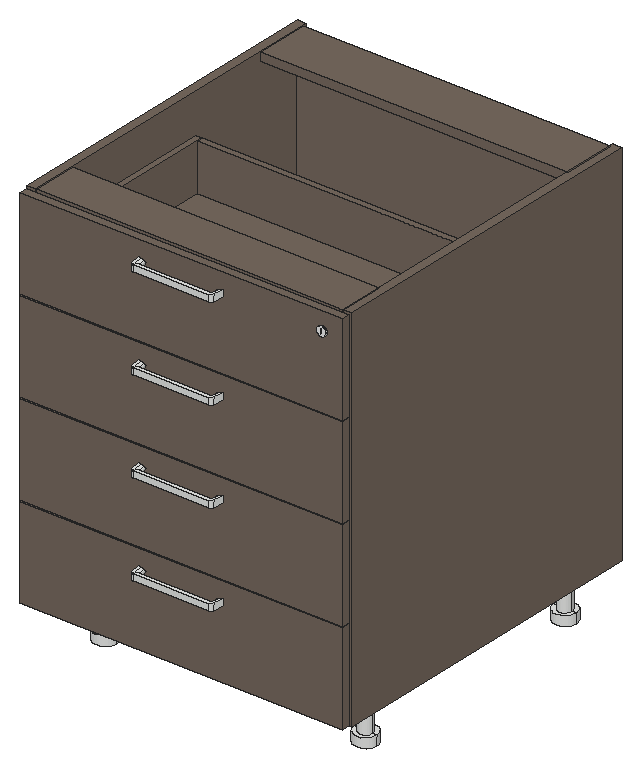
Revit family "Base_Cabinets-Teknion-CEBDF_Base_Cabinet_Four_Drawers-R2022", category Furniture, Revit 2023
Family settings
  OmniClass Number = 23.40.20.00
  OmniClass Title = General Furniture and Specialties
  Work Plane-Based = No
  Enable Cutting in Views = No
  Always vertical = Yes
  Cut with Voids When Loaded = No
  Render Appearance Source = Family Geometry
  Shared = Yes
  Room Calculation Point = No
Parameters (values of type "Equal Configuration")
  Width [instance] = 27.000"
  Warranty = "http://www.teknion.com/ca/papers/legal-canada"
  Unit Weight URL = "http://www.teknion.com/ca/tools/assets#&asset=bee6a381-b954-425e-8283-5a2de3a804f2,f828d448-4b62-4231-9e5f-9a8991c0ed77"
  URL = "www.teknion.com"
  U - Undermount - Soft Close [instance] = no
  To render please download texture images found here [instance] = "https://assets.teknion.com/web/5e81352c1dfdb467/revit-material-swatches/"
  Sustainability Data = "https://www.teknion.com/ca/tools/assets#&topic=216f99a5-57a0-44fc-b10a-9dee9b29ae4c&asset=444deb64-fe58-4b68-981e-f75e97781df7,b4ff2d81-9f2e-437d-9659-7cffb09c31cf"
  Series = "Expansion Casework+"  # constant formula
  S - Standard - Soft Close [instance] = not([U - Undermount - Soft Close])  # yes
  Pull Finish [instance] = Paint - Teknion - Foundation - Crisp Grey
  Product Page URL = "https://www.teknion.com/ca/products/product-details?productLineId=30ca1270-8e7a-673b-a6c8-ff05004460c4"
  Product Line = "Base Cabinets"  # constant formula
  Product Documentation Link = "https://www.teknion.com/pricing/expansion-casework/pdfs/CEBDF_ppg.pdf"
  Part Number = "CEBDF"  # constant formula
  Lock - Standard [instance] = [S - Standard - Soft Close]  # yes
  Handle - 32H [instance] = Height = 32.000"  # no
  Handle - 35H [instance] = Height = 35.000"  # yes
  E - Equal = yes
  Model = "CEBDFE____"
  Manufacturer Phone = "416-661-3370"  # constant formula
  Manufacturer Fax = "416.661.4586"  # constant formula
  Manufacturer Contact Information = "http://www.teknion.com/ca/contactus"
  Manufacturer Address = "1150 Flint Road, Toronto, ON. M3J 2J5. Canada"  # constant formula
  Manufacturer = "Teknion"  # constant formula
  How To Use Teknion Materials User Guide [instance] = "https://assets.teknion.com/m/205dd0a49fa58060/original/How-to-add-a-Material-Library-and-Texture-Images-to-your-Revit-project.pdf"
  Height [instance] = 35.000"
  Front Finish [instance] = Source Laminate - Teknion - 3M - Provincial Oak
  For Additional Finishes please visit [instance] = "https://assets.teknion.com/m/44a8009b046e5d47/original/Teknion_Materials_Library.zip"
  Foot Finish [instance] = Paint - Teknion - Foundation - Crisp Grey
  Drawer Style [instance] = "Select one drawer style. Standard - soft close is default."  # constant formula
  Dim - Height - Drawer - Undermount [instance] = if((and(Height = 32.000", [U - Undermount - Soft Close])), 4.331", 5.114")  # 5.114"
  Dim - Height - Drawer - Standard [instance] = if((and(Height = 32.000", [S - Standard - Soft Close])), 3.858", 4.685")  # 4.685"
  Dim - Front [instance] = if(Height = 32.000", 6.756", 7.569")  # 7.569"
  Description = "Base Cabinet - Four Drawers, Equal Configuration"
  Depth [instance] = 29.000"
  Default Elevation = 0.000"
  Configuration = ""
  Case Finish [instance] = Source Laminate - Teknion - 3M - Provincial Oak
  Available Width [instance] = "12, 15, 18, 21, 24, 27, 30, 33 & 36 Inch"  # constant formula
  Available Height [instance] = "32 & 35 Inch"  # constant formula
  Available Depth [instance] = "24 & 29 Inch"  # constant formula
  Assembly Code = "E2020200"
  Actual Height [instance] = if(Height = 32.000", Height - 0.250", Height + 0.000")  # 35.000"
  2D - Undermount + 29D [instance] = and([U - Undermount - Soft Close], Depth = 29.000")  # no
  2D - Undermount + 24D [instance] = and([U - Undermount - Soft Close], Depth = 24.000")  # no
Reference planes (in)
  plane 1 "Center Front/Back": y = -14.5
  plane 2: z = 0
  plane 3 "Center Left/Right": x = 21
  plane 4 "Left": x = 7.5
  plane 5 "Right": x = 34.5
  plane 6 "Back": y = 0
  plane 7 "Front": y = -29
  plane 8 "Top": z = 35
  plane 9: z = 4.13386
  plane 10 "Foot 2": y = -2.59843
  plane 11 "Foot 1": y = -23.35433
  plane 12: z = 19.6262
  plane 13: y = -9.795
  plane 14: z = 19.50809
  plane 15: z = 11.93909
  plane 16: z = 11.82097
  plane 17: z = 4.25197
  plane 18: z = 34.88189
  plane 19: z = 27.31332
  plane 20: z = 27.1952
Forms (in)
  Sweep 1, solid, material "Source Laminate - Teknion - 3M - Provincial Oak" <- "Case Finish"
    path origin (0, 0, 0) x (1, 0, 0) y (0, 1, 0)
      loop
        line (7.5, -14.5) -> (8.20079, -14.5)
    profile origin (7.85039, -14.5, 0) x (0, 1, 0) y (0, 0, 1)
      loop
        line (14.5, 35) -> (-13.66142, 35) -> (-13.66142, 4.13386) -> (14.5, 4.13386) -> (14.5, 35)
  Sweep 2, solid, material "Source Laminate - Teknion - 3M - Provincial Oak" <- "Case Finish"
    path origin (0, 0, 0) x (1, 0, 0) y (0, 1, 0)
      loop
        line (34.5, -14.5) -> (33.79921, -14.5)
    profile origin (34.14961, -14.5, 0) x (0, -1, 0) y (0, 0, 1)
      loop
        line (-14.5, 35) -> (-14.5, 4.13386) -> (13.66142, 4.13386) -> (13.66142, 35) -> (-14.5, 35)
  Sweep 3, solid, material "Source Laminate - Teknion - 3M - Provincial Oak" <- "Case Finish"
    path origin (0, 0, 0) x (1, 0, 0) y (0, 1, 0)
      loop
        line (33.79921, -14.5) -> (8.20079, -14.5)
    profile origin (21, -14.5, 0) x (0, -1, 0) y (0, 0, 1)
      loop
        line (9.88189, 34.29921) -> (13.66142, 34.29921) -> (13.66142, 35) -> (9.88189, 35) -> (9.88189, 34.29921)
      loop
        line (-9.70472, 34.29921) -> (-9.70472, 35) -> (-14.18504, 35) -> (-14.18504, 34.29921) -> (-9.70472, 34.29921)
  Sweep 4, solid, material "Source Laminate - Teknion - 3M - Provincial Oak" <- "Case Finish"
    path origin (0, 0, 0) x (1, 0, 0) y (0, 1, 0)
      loop
        line (33.79921, -14.5) -> (8.20079, -14.5)
    profile origin (21, -14.5, 0) x (0, -1, 0) y (0, 0, 1)
      loop
        line (-13.48425, 34.29921) -> (-14.18504, 34.29921) -> (-14.18504, 5.14961) -> (-13.48425, 5.14961) -> (-13.48425, 34.29921)
  Sweep 5, solid, material "Source Laminate - Teknion - 3M - Provincial Oak" <- "Case Finish"
    path origin (0, -14.5, 0) x (1, 0, 0) y (0, 0, 1)
      loop
        line (21, 5.14961) -> (21, 4.13386)
    profile origin (21, -14.5, 4.64173) x (0, -1, 0) y (1, 0, 0)
      loop
        line (-14.18504, 12.79921) -> (-14.18504, -12.79921) -> (13.66142, -12.79921) -> (13.66142, 12.79921) -> (-14.18504, 12.79921)
  Revolve 6, solid, material "Paint - Teknion - Foundation - Crisp Grey" <- "Foot Finish"
    sketch origin (0, -23.35433, 0) x (-1, 0, 0) y (0, 0, 1)
      loop
        line (-10.14567, 4.13386) -> (-10.14567, 0) -> (-9.20276, 0) -> (-9.20276, 0.7874) -> (-9.59449, 0.7874) -> (-9.59449, 3.11024) -> (-9.20846, 3.11024) -> (-9.20846, 4.13386) -> (-10.14567, 4.13386)
      axis (-10.14567, 4.13386) -> (-10.14567, 0)
    angle from 0 to 360
  Revolve 7, solid, material "Paint - Teknion - Foundation - Crisp Grey" <- "Foot Finish"
    sketch origin (36.70866, -23.35433, 0) x (-1, 0, 0) y (0, 0, 1)
      loop
        line (4.85433, 4.13386) -> (4.85433, 0) -> (5.79724, 0) -> (5.79724, 0.7874) -> (5.40551, 0.7874) -> (5.40551, 3.11024) -> (5.79154, 3.11024) -> (5.79154, 4.13386) -> (4.85433, 4.13386)
      axis (4.85433, 4.13386) -> (4.85433, 0)
    angle from 0 to 360
  Revolve 8, solid, material "Paint - Teknion - Foundation - Crisp Grey" <- "Foot Finish"
    sketch origin (4.75, -2.59843, 0) x (-1, 0, 0) y (0, 0, 1)
      loop
        line (-27.10433, 4.13386) -> (-27.10433, 0) -> (-26.16142, 0) -> (-26.16142, 0.7874) -> (-26.55315, 0.7874) -> (-26.55315, 3.11024) -> (-26.16713, 3.11024) -> (-26.16713, 4.13386) -> (-27.10433, 4.13386)
      axis (-27.10433, 4.13386) -> (-27.10433, 0)
    angle from 0 to 360
  Revolve 9, solid, material "Paint - Teknion - Foundation - Crisp Grey" <- "Foot Finish"
    sketch origin (37.25, -2.59843, 0) x (1, 0, 0) y (0, 0, -1)
      loop
        line (-27.10433, -4.13386) -> (-27.10433, 0) -> (-28.04724, 0) -> (-28.04724, -0.7874) -> (-27.65551, -0.7874) -> (-27.65551, -3.11024) -> (-28.04154, -3.11024) -> (-28.04154, -4.13386) -> (-27.10433, -4.13386)
      axis (-27.10433, -4.13386) -> (-27.10433, 0)
    angle from 0 to 360
  Sweep 10, solid, material "Paint - Teknion - Mica - Platinum", visible <- "U - Undermount - Soft Close"
    path origin (0, 0, 0) x (1, 0, 0) y (0, 1, 0)
      loop
        line (21, -28.16142) -> (21, -11.68504)
    profile origin (21, -19.92323, 0) x (-1, 0, 0) y (0, 0, 1)
      loop
        line (12.52362, 20.27639) -> (12.52362, 20.70946) -> (11.02362, 20.70946) -> (11.02362, 20.27639) -> (12.52362, 20.27639)
      loop
        line (-11.02362, 20.27639) -> (-11.02362, 20.70946) -> (-12.52362, 20.70946) -> (-12.52362, 20.27639) -> (-11.02362, 20.27639)
      loop
        line (12.52362, 12.58909) -> (12.52362, 13.02216) -> (11.02362, 13.02216) -> (11.02362, 12.58909) -> (12.52362, 12.58909)
      loop
        line (-11.02362, 12.58909) -> (-11.02362, 13.02216) -> (-12.52362, 13.02216) -> (-12.52362, 12.58909) -> (-11.02362, 12.58909)
      loop
        line (-11.02362, 6.02953) -> (-11.02362, 6.4626) -> (-12.52362, 6.4626) -> (-12.52362, 6.02953) -> (-11.02362, 6.02953)
      loop
        line (12.52362, 6.02953) -> (12.52362, 6.4626) -> (11.02362, 6.4626) -> (11.02362, 6.02953) -> (12.52362, 6.02953)
      loop
        line (12.52362, 27.9626) -> (12.52362, 28.39567) -> (11.02362, 28.39567) -> (11.02362, 27.9626) -> (12.52362, 27.9626)
      loop
        line (-11.02362, 27.9626) -> (-11.02362, 28.39567) -> (-12.52362, 28.39567) -> (-12.52362, 27.9626) -> (-11.02362, 27.9626)
  Sweep 11, solid, material "Paint - Teknion - Foundation - Crisp Grey" <- "Pull Finish", visible <- "Handle - 32H"
    path origin (0, -23.35433, 0) x (-1, 0, 0) y (0, 0, 1)
      loop
        line (-21, 23.44833) -> (-21, 22.91733)
    profile origin (21, -23.35433, 23.18283) x (0, 1, 0) y (-1, 0, 0)
      loop
        line (-5.64567, 3.49508) -> (-6.44976, 3.39635)
        arc (-6.44976, 3.39635) -> (-6.60653, 3.31387) -> (-6.66929, 3.14821) r 0.25
        line (-6.66929, 3.14821) -> (-6.66929, -3.14821)
        arc (-6.66929, -3.14821) -> (-6.60653, -3.31387) -> (-6.44976, -3.39635) r 0.25
        line (-6.44976, -3.39635) -> (-5.64567, -3.49508) -> (-5.64567, -3.35728) -> (-6.43307, -3.23165) -> (-6.43307, 3.23165) -> (-5.64567, 3.35728) -> (-5.64567, 3.49508)
  Sweep 12, solid, material "Paint - Teknion - Foundation - Crisp Grey" <- "Pull Finish", visible <- "Handle - 35H"
    path origin (0, -23.35433, 0) x (-1, 0, 0) y (0, 0, 1)
      loop
        line (-21, 25.88583) -> (-21, 25.35483)
    profile origin (21, -23.35433, 25.62033) x (0, 1, 0) y (-1, 0, 0)
      loop
        line (-5.64567, 3.49508) -> (-6.44976, 3.39635)
        arc (-6.44976, 3.39635) -> (-6.60653, 3.31387) -> (-6.66929, 3.14821) r 0.25
        line (-6.66929, 3.14821) -> (-6.66929, -3.14821)
        arc (-6.66929, -3.14821) -> (-6.60653, -3.31387) -> (-6.44976, -3.39635) r 0.25
        line (-6.44976, -3.39635) -> (-5.64567, -3.49508) -> (-5.64567, -3.35728) -> (-6.43307, -3.23165) -> (-6.43307, 3.23165) -> (-5.64567, 3.35728) -> (-5.64567, 3.49508)
  Sweep 13, solid, material "Paint - Teknion - Foundation - Crisp Grey" <- "Pull Finish", visible <- "Handle - 35H"
    path origin (0, -23.35433, 0) x (-1, 0, 0) y (0, 0, 1)
      loop
        line (-21, 33.04183) -> (-21, 33.57283)
    profile origin (21, -23.35433, 33.30733) x (1, 0, 0) y (0, 1, 0)
      loop
        line (-3.49508, -5.64567) -> (-3.39635, -6.44976)
        arc (-3.39635, -6.44976) -> (-3.31387, -6.60653) -> (-3.14821, -6.66929) r 0.25
        line (-3.14821, -6.66929) -> (3.14821, -6.66929)
        arc (3.14821, -6.66929) -> (3.31387, -6.60653) -> (3.39635, -6.44976) r 0.25
        line (3.39635, -6.44976) -> (3.49508, -5.64567) -> (3.35728, -5.64567) -> (3.23165, -6.43307) -> (-3.23165, -6.43307) -> (-3.35728, -5.64567) -> (-3.49508, -5.64567)
  Sweep 14, solid, material "Paint - Teknion - Foundation - Crisp Grey" <- "Pull Finish", visible <- "Handle - 32H"
    path origin (0, -23.35433, 0) x (-1, 0, 0) y (0, 0, 1)
      loop
        line (-21, 30.32697) -> (-21, 29.79597)
    profile origin (21, -23.35433, 30.06147) x (0, 1, 0) y (-1, 0, 0)
      loop
        line (-5.64567, 3.49508) -> (-6.44976, 3.39635)
        arc (-6.44976, 3.39635) -> (-6.60653, 3.31387) -> (-6.66929, 3.14821) r 0.25
        line (-6.66929, 3.14821) -> (-6.66929, -3.14821)
        arc (-6.66929, -3.14821) -> (-6.60653, -3.31387) -> (-6.44976, -3.39635) r 0.25
        line (-6.44976, -3.39635) -> (-5.64567, -3.49508) -> (-5.64567, -3.35728) -> (-6.43307, -3.23165) -> (-6.43307, 3.23165) -> (-5.64567, 3.35728) -> (-5.64567, 3.49508)
  Sweep 15, solid, material "Paint - Teknion - Foundation - Crisp Grey" <- "Pull Finish", visible <- "Handle - 32H"
    path origin (9, 0, 0) x (1, 0, 0) y (0, 1, 0)
      loop
        line (8.5714, -28.55302) -> (8.82531, -30.14439)
    profile origin (17.69836, -29.3487, 0) x (0.987508, 0.157566, 0) y (0, 0, 1)
      loop
        line (0.27167, 30.21231) -> (0.03671, 30.32697) -> (0, 30.32697) -> (0, 29.79597) -> (0.03773, 29.79597) -> (0.27167, 29.91013)
        arc (0.27167, 29.91013) -> (0.36606, 30.06122) -> (0.27167, 30.21231) r 0.16812
  Sweep 16, solid, material "Paint - Teknion - Foundation - Crisp Grey" <- "Pull Finish", visible <- "Handle - 35H"
    path origin (9, 0, -4.44114) x (1, 0, 0) y (0, 1, 0)
      loop
        line (8.5714, -28.55302) -> (8.82531, -30.14439)
    profile origin (17.69836, -29.3487, -4.44114) x (0.987508, 0.157566, 0) y (0, 0, 1)
      loop
        line (0.27167, 30.21231) -> (0.03671, 30.32697) -> (0, 30.32697) -> (0, 29.79597) -> (0.03773, 29.79597) -> (0.27167, 29.91013)
        arc (0.27167, 29.91013) -> (0.36606, 30.06122) -> (0.27167, 30.21231) r 0.16812
  Sweep 17, solid, material "Paint - Teknion - Foundation - Crisp Grey" <- "Pull Finish", visible <- "Handle - 32H"
    path origin (9, 0, -6.87864) x (1, 0, 0) y (0, 1, 0)
      loop
        line (8.5714, -28.55302) -> (8.82531, -30.14439)
    profile origin (17.69836, -29.3487, -6.87864) x (0.987508, 0.157566, 0) y (0, 0, 1)
      loop
        line (0.27167, 30.21231) -> (0.03671, 30.32697) -> (0, 30.32697) -> (0, 29.79597) -> (0.03773, 29.79597) -> (0.27167, 29.91013)
        arc (0.27167, 29.91013) -> (0.36606, 30.06122) -> (0.27167, 30.21231) r 0.16812
  Sweep 18, solid, material "Paint - Teknion - Foundation - Crisp Grey" <- "Pull Finish", visible <- "Handle - 35H"
    path origin (9, 0, 3.24587) x (1, 0, 0) y (0, 1, 0)
      loop
        line (8.5714, -28.55302) -> (8.82531, -30.14439)
    profile origin (17.69836, -29.3487, 3.24587) x (0.987508, 0.157566, 0) y (0, 0, 1)
      loop
        line (0.27167, 30.21231) -> (0.03671, 30.32697) -> (0, 30.32697) -> (0, 29.79597) -> (0.03773, 29.79597) -> (0.27167, 29.91013)
        arc (0.27167, 29.91013) -> (0.36606, 30.06122) -> (0.27167, 30.21231) r 0.16812
  Sweep 19, solid, material "Paint - Teknion - Foundation - Crisp Grey" <- "Pull Finish", visible <- "Handle - 32H"
    path origin (33, 0, 0) x (-1, 0, 0) y (0, -1, 0)
      loop
        line (8.5714, 28.55302) -> (8.82531, 30.14439)
    profile origin (24.30164, -29.3487, 0) x (0.987508, -0.157566, 0) y (0, 0, 1)
      loop
        arc (-0.27167, 30.21231) -> (-0.36606, 30.06122) -> (-0.27167, 29.91013) r 0.16812
        line (-0.27167, 29.91013) -> (-0.03773, 29.79597) -> (0, 29.79597) -> (0, 30.32697) -> (-0.03671, 30.32697) -> (-0.27167, 30.21231)
  Sweep 20, solid, material "Paint - Teknion - Foundation - Crisp Grey" <- "Pull Finish", visible <- "Handle - 35H"
    path origin (33, 0, 3.24587) x (-1, 0, 0) y (0, -1, 0)
      loop
        line (8.5714, 28.55302) -> (8.82531, 30.14439)
    profile origin (24.30164, -29.3487, 3.24587) x (0.987508, -0.157566, 0) y (0, 0, 1)
      loop
        arc (-0.27167, 30.21231) -> (-0.36606, 30.06122) -> (-0.27167, 29.91013) r 0.16812
        line (-0.27167, 29.91013) -> (-0.03773, 29.79597) -> (0, 29.79597) -> (0, 30.32697) -> (-0.03671, 30.32697) -> (-0.27167, 30.21231)
  Sweep 21, solid, material "Paint - Teknion - Foundation - Crisp Grey" <- "Pull Finish", visible <- "Handle - 35H"
    path origin (33, 0, -4.44114) x (-1, 0, 0) y (0, -1, 0)
      loop
        line (8.5714, 28.55302) -> (8.82531, 30.14439)
    profile origin (24.30164, -29.3487, -4.44114) x (0.987508, -0.157566, 0) y (0, 0, 1)
      loop
        arc (-0.27167, 30.21231) -> (-0.36606, 30.06122) -> (-0.27167, 29.91013) r 0.16812
        line (-0.27167, 29.91013) -> (-0.03773, 29.79597) -> (0, 29.79597) -> (0, 30.32697) -> (-0.03671, 30.32697) -> (-0.27167, 30.21231)
  Sweep 22, solid, material "Paint - Teknion - Foundation - Crisp Grey" <- "Pull Finish", visible <- "Handle - 32H"
    path origin (33, 0, -6.87864) x (-1, 0, 0) y (0, -1, 0)
      loop
        line (8.5714, 28.55302) -> (8.82531, 30.14439)
    profile origin (24.30164, -29.3487, -6.87864) x (0.987508, -0.157566, 0) y (0, 0, 1)
      loop
        arc (-0.27167, 30.21231) -> (-0.36606, 30.06122) -> (-0.27167, 29.91013) r 0.16812
        line (-0.27167, 29.91013) -> (-0.03773, 29.79597) -> (0, 29.79597) -> (0, 30.32697) -> (-0.03671, 30.32697) -> (-0.27167, 30.21231)
  Sweep 23, void
    path origin (0, -23.35433, 0) x (-1, 0, 0) y (0, 0, 1)
      loop
        line (-21, 35) -> (-21, 7.6063)
    profile origin (21, -23.35433, 21.30315) x (0, 1, 0) y (-1, 0, 0)
      loop
        line (-5.64567, 3.70705) -> (-5.64567, -3.70705) -> (-5.00738, -3.70705) -> (-5.00738, 3.70705) -> (-5.64567, 3.70705)
      loop
        line (-6.43307, 3.70705) -> (-6.94315, 3.70705) -> (-6.94315, -3.70705) -> (-6.43307, -3.70705) -> (-6.43307, 3.70705)
  Sweep 24, solid, material "Paint - Teknion - Mica - Platinum", visible <- "S - Standard - Soft Close"
    path origin (0, 0, 0) x (1, 0, 0) y (0, 1, 0)
      loop
        line (21, -28.16142) -> (21, -12.49213)
    profile origin (21, -20.32677, 0) x (-1, 0, 0) y (0, 0, 1)
      loop
        line (12.75984, 28.49166) -> (12.75984, 29.99166) -> (12.32283, 29.99166) -> (12.32283, 28.49166) -> (12.75984, 28.49166)
      loop
        line (-12.75984, 29.99166) -> (-12.75984, 28.49166) -> (-12.32283, 28.49166) -> (-12.32283, 29.99166) -> (-12.75984, 29.99166)
      loop
        line (12.75984, 13.11665) -> (12.75984, 14.61665) -> (12.32283, 14.61665) -> (12.32283, 13.11665) -> (12.75984, 13.11665)
      loop
        line (-12.75984, 14.61665) -> (-12.75984, 13.11665) -> (-12.32283, 13.11665) -> (-12.32283, 14.61665) -> (-12.75984, 14.61665)
      loop
        line (12.75984, 6.75197) -> (12.75984, 8.25197) -> (12.32283, 8.25197) -> (12.32283, 6.75197) -> (12.75984, 6.75197)
      loop
        line (-12.75984, 8.25197) -> (-12.75984, 6.75197) -> (-12.32283, 6.75197) -> (-12.32283, 8.25197) -> (-12.75984, 8.25197)
      loop
        line (12.75984, 20.80415) -> (12.75984, 22.30415) -> (12.32283, 22.30415) -> (12.32283, 20.80415) -> (12.75984, 20.80415)
      loop
        line (-12.75984, 22.30415) -> (-12.75984, 20.80415) -> (-12.32283, 20.80415) -> (-12.32283, 22.30415) -> (-12.75984, 22.30415)
  Sweep 25, solid, material "Metal - Teknion - C6 - Chrome", visible <- "Lock - Standard"
    path origin (0, 0, 0) x (1, 0, 0) y (0, 1, 0)
      loop
        line (21, -29.05906) -> (21, -29)
    profile origin (21, -29.02953, 0) x (-1, 0, 0) y (0, 0, 1)
      loop
        circle (-11.74803, 33.42126) r 0.3937
      loop
        line (-11.79724, 33.60827) -> (-11.79724, 33.23425) -> (-11.69882, 33.23425) -> (-11.69882, 33.60827) -> (-11.79724, 33.60827)
  Sweep 26, solid, material "Source Laminate - Teknion - 3M - Provincial Oak" <- "Front Finish"
    path origin (0, 0, 0) x (1, 0, 0) y (0, 1, 0)
      loop
        line (21, -29) -> (21, -28.29921)
    profile origin (21, -28.64961, 0) x (-1, 0, 0) y (0, 0, 1)
      loop
        line (13.44094, 34.88189) -> (-13.44094, 34.88189) -> (-13.44094, 27.31332) -> (13.44094, 27.31332) -> (13.44094, 34.88189)
      loop
        line (13.44094, 19.50809) -> (-13.44094, 19.50809) -> (-13.44094, 11.93909) -> (13.44094, 11.93909) -> (13.44094, 19.50809)
      loop
        line (13.44094, 11.82097) -> (-13.44094, 11.82097) -> (-13.44094, 4.25197) -> (13.44094, 4.25197) -> (13.44094, 11.82097)
      loop
        line (13.44094, 27.1952) -> (-13.44094, 27.1952) -> (-13.44094, 19.6262) -> (13.44094, 19.6262) -> (13.44094, 27.1952)
  Sweep 27, solid, material "Paint - Teknion - Foundation - Crisp Grey" <- "Pull Finish", visible <- "Handle - 32H"
    path origin (0, -23.35433, 0) x (-1, 0, 0) y (0, 0, 1)
      loop
        line (-21, 16.57382) -> (-21, 16.04282)
    profile origin (21, -23.35433, 16.30832) x (0, 1, 0) y (-1, 0, 0)
      loop
        line (-6.66929, 3.14821) -> (-6.66929, -3.14821)
        arc (-6.66929, -3.14821) -> (-6.60653, -3.31387) -> (-6.44976, -3.39635) r 0.25
        line (-6.44976, -3.39635) -> (-5.64567, -3.49508) -> (-5.64567, -3.35728) -> (-6.43307, -3.23165) -> (-6.43307, 3.23165) -> (-5.64567, 3.35728) -> (-5.64567, 3.49508) -> (-6.44976, 3.39635)
        arc (-6.44976, 3.39635) -> (-6.60653, 3.31387) -> (-6.66929, 3.14821) r 0.25
  Sweep 28, solid, material "Paint - Teknion - Foundation - Crisp Grey" <- "Pull Finish", visible <- "Handle - 35H"
    path origin (0, -23.35433, 0) x (-1, 0, 0) y (0, 0, 1)
      loop
        line (-21, 9.98081) -> (-21, 10.51181)
    profile origin (21, -23.35433, 10.24631) x (1, 0, 0) y (0, 1, 0)
      loop
        line (-3.14821, -6.66929) -> (3.14821, -6.66929)
        arc (3.14821, -6.66929) -> (3.31387, -6.60653) -> (3.39635, -6.44976) r 0.25
        line (3.39635, -6.44976) -> (3.49508, -5.64567) -> (3.35728, -5.64567) -> (3.23165, -6.43307) -> (-3.23165, -6.43307) -> (-3.35728, -5.64567) -> (-3.49508, -5.64567) -> (-3.39635, -6.44976)
        arc (-3.39635, -6.44976) -> (-3.31387, -6.60653) -> (-3.14821, -6.66929) r 0.25
  Sweep 29, solid, material "Paint - Teknion - Foundation - Crisp Grey" <- "Pull Finish", visible <- "Handle - 35H"
    path origin (0, 0, -8.06171) x (1, 0, 0) y (0, 1, 0)
      loop
        line (17.5714, -28.55302) -> (17.82531, -30.14439)
    profile origin (17.69836, -29.3487, -8.06171) x (0.987508, 0.157566, 0) y (0, 0, 1)
      loop
        line (0.27167, 18.45886) -> (0.03671, 18.57352) -> (0, 18.57352) -> (0, 18.04252) -> (0.03773, 18.04252) -> (0.27167, 18.15669)
        arc (0.27167, 18.15669) -> (0.36606, 18.30778) -> (0.27167, 18.45886) r 0.16812
  Sweep 30, solid, material "Paint - Teknion - Foundation - Crisp Grey" <- "Pull Finish", visible <- "Handle - 32H"
    path origin (0, 0, -6.84301) x (1, 0, 0) y (0, 1, 0)
      loop
        line (17.5714, -28.55302) -> (17.82531, -30.14439)
    profile origin (17.69836, -29.3487, -6.84301) x (0.987508, 0.157566, 0) y (0, 0, 1)
      loop
        line (0.27167, 23.30217) -> (0.03671, 23.41683) -> (0, 23.41683) -> (0, 22.88583) -> (0.03773, 22.88583) -> (0.27167, 22.99999)
        arc (0.27167, 22.99999) -> (0.36606, 23.15108) -> (0.27167, 23.30217) r 0.16812
  Sweep 31, solid, material "Paint - Teknion - Foundation - Crisp Grey" <- "Pull Finish", visible <- "Handle - 32H"
    path origin (0, 0, 0) x (1, 0, 0) y (0, 1, 0)
      loop
        line (24.17469, -30.14439) -> (24.4286, -28.55302)
    profile origin (24.30164, -29.3487, 0) x (-0.987508, 0.157566, 0) y (0, 0, 1)
      loop
        arc (0.27167, 16.15698) -> (0.36606, 16.30807) -> (0.27167, 16.45916) r 0.16812
        line (0.27167, 16.45916) -> (0.03671, 16.57382) -> (0, 16.57382) -> (0, 16.04282) -> (0.03773, 16.04282) -> (0.27167, 16.15698)
  Sweep 32, solid, material "Paint - Teknion - Foundation - Crisp Grey" <- "Pull Finish", visible <- "Handle - 35H"
    path origin (0, 0, -1.2187) x (1, 0, 0) y (0, 1, 0)
      loop
        line (24.17469, -30.14439) -> (24.4286, -28.55302)
    profile origin (24.30164, -29.3487, -1.2187) x (-0.987508, 0.157566, 0) y (0, 0, 1)
      loop
        arc (0.27167, 11.31368) -> (0.36606, 11.46476) -> (0.27167, 11.61585) r 0.16812
        line (0.27167, 11.61585) -> (0.03671, 11.73051) -> (0, 11.73051) -> (0, 11.19951) -> (0.03773, 11.19951) -> (0.27167, 11.31368)
  Sweep 33, solid, material "Paint - Teknion - Foundation - Crisp Grey" <- "Pull Finish", visible <- "Handle - 32H"
    path origin (0, -23.35433, 0) x (-1, 0, 0) y (0, 0, 1)
      loop
        line (-21, 9.69931) -> (-21, 9.16831)
    profile origin (21, -23.35433, 9.43381) x (0, 1, 0) y (-1, 0, 0)
      loop
        line (-6.66929, 3.14821) -> (-6.66929, -3.14821)
        arc (-6.66929, -3.14821) -> (-6.60653, -3.31387) -> (-6.44976, -3.39635) r 0.25
        line (-6.44976, -3.39635) -> (-5.64567, -3.49508) -> (-5.64567, -3.35728) -> (-6.43307, -3.23165) -> (-6.43307, 3.23165) -> (-5.64567, 3.35728) -> (-5.64567, 3.49508) -> (-6.44976, 3.39635)
        arc (-6.44976, 3.39635) -> (-6.60653, 3.31387) -> (-6.66929, 3.14821) r 0.25
  Sweep 34, solid, material "Paint - Teknion - Foundation - Crisp Grey" <- "Pull Finish", visible <- "Handle - 32H"
    path origin (0, 0, 0) x (1, 0, 0) y (0, 1, 0)
      loop
        line (17.5714, -28.55302) -> (17.82531, -30.14439)
    profile origin (17.69836, -29.3487, 0) x (0.987508, 0.157566, 0) y (0, 0, 1)
      loop
        arc (0.27167, 9.28248) -> (0.36606, 9.43356) -> (0.27167, 9.58465) r 0.16812
        line (0.27167, 9.58465) -> (0.03671, 9.69931) -> (0, 9.69931) -> (0, 9.16831) -> (0.03773, 9.16831) -> (0.27167, 9.28248)
  Sweep 35, solid, material "Paint - Teknion - Foundation - Crisp Grey" <- "Pull Finish", visible <- "Handle - 32H"
    path origin (0, 0, 0) x (1, 0, 0) y (0, 1, 0)
      loop
        line (24.17469, -30.14439) -> (24.4286, -28.55302)
    profile origin (24.30164, -29.3487, 0) x (-0.987508, 0.157566, 0) y (0, 0, 1)
      loop
        arc (0.27167, 9.28248) -> (0.36606, 9.43356) -> (0.27167, 9.58465) r 0.16812
        line (0.27167, 9.58465) -> (0.03671, 9.69931) -> (0, 9.69931) -> (0, 9.16831) -> (0.03773, 9.16831) -> (0.27167, 9.28248)
  Sweep 36, solid, material "Paint - Teknion - Foundation - Crisp Grey" <- "Pull Finish", visible <- "Handle - 35H"
    path origin (0, -23.35433, 9.16594) x (-1, 0, 0) y (0, 0, 1)
      loop
        line (-21, 9.03287) -> (-21, 8.50187)
    profile origin (21, -23.35433, 17.93332) x (0, 1, 0) y (-1, 0, 0)
      loop
        line (-6.66929, 3.14821) -> (-6.66929, -3.14821)
        arc (-6.66929, -3.14821) -> (-6.60653, -3.31387) -> (-6.44976, -3.39635) r 0.25
        line (-6.44976, -3.39635) -> (-5.64567, -3.49508) -> (-5.64567, -3.35728) -> (-6.43307, -3.23165) -> (-6.43307, 3.23165) -> (-5.64567, 3.35728) -> (-5.64567, 3.49508) -> (-6.44976, 3.39635)
        arc (-6.44976, 3.39635) -> (-6.60653, 3.31387) -> (-6.66929, 3.14821) r 0.25
  Sweep 37, solid, material "Paint - Teknion - Foundation - Crisp Grey" <- "Pull Finish", visible <- "Handle - 35H"
    path origin (0, 0, 9.16594) x (1, 0, 0) y (0, 1, 0)
      loop
        line (17.5714, -28.55302) -> (17.82531, -30.14439)
    profile origin (17.69836, -29.3487, 9.16594) x (0.987508, 0.157566, 0) y (0, 0, 1)
      loop
        arc (0.27167, 8.61604) -> (0.36606, 8.76713) -> (0.27167, 8.91821) r 0.16812
        line (0.27167, 8.91821) -> (0.03671, 9.03287) -> (0, 9.03287) -> (0, 8.50187) -> (0.03773, 8.50187) -> (0.27167, 8.61604)
  Sweep 38, solid, material "Paint - Teknion - Foundation - Crisp Grey" <- "Pull Finish", visible <- "Handle - 35H"
    path origin (0, 0, 9.16594) x (1, 0, 0) y (0, 1, 0)
      loop
        line (24.17469, -30.14439) -> (24.4286, -28.55302)
    profile origin (24.30164, -29.3487, 9.16594) x (-0.987508, 0.157566, 0) y (0, 0, 1)
      loop
        arc (0.27167, 8.61604) -> (0.36606, 8.76713) -> (0.27167, 8.91821) r 0.16812
        line (0.27167, 8.91821) -> (0.03671, 9.03287) -> (0, 9.03287) -> (0, 8.50187) -> (0.03773, 8.50187) -> (0.27167, 8.61604)
  Sweep 39, solid, material "Source Laminate - Teknion - 3M - Provincial Oak" <- "Front Finish", visible <- "U - Undermount - Soft Close"
    path origin (0, 0, 0) x (1, 0, 0) y (0, 1, 0)
      loop
        line (21, -9.00787) -> (21, -28.29921)
    profile origin (21, -18.65354, 0) x (1, 0, 0) y (0, 0, 1)
      loop
        line (-11.97244, 33.54904) -> (-12.60236, 33.54904) -> (-12.60236, 28.43504) -> (-11.97244, 28.43504) -> (-11.97244, 33.54904)
      loop
        line (11.97244, 33.54904) -> (11.97244, 28.43504) -> (12.60236, 28.43504) -> (12.60236, 33.54904) -> (11.97244, 33.54904)
      loop
        line (-11.97244, 25.86192) -> (-12.60236, 25.86192) -> (-12.60236, 20.74792) -> (-11.97244, 20.74792) -> (-11.97244, 25.86192)
      loop
        line (11.97244, 25.86192) -> (11.97244, 20.74792) -> (12.60236, 20.74792) -> (12.60236, 25.86192) -> (11.97244, 25.86192)
      loop
        line (-11.97244, 18.1748) -> (-12.60236, 18.1748) -> (-12.60236, 13.0608) -> (-11.97244, 13.0608) -> (-11.97244, 18.1748)
      loop
        line (11.97244, 18.1748) -> (11.97244, 13.0608) -> (12.60236, 13.0608) -> (12.60236, 18.1748) -> (11.97244, 18.1748)
      loop
        line (-11.97244, 11.61597) -> (-12.60236, 11.61597) -> (-12.60236, 6.50197) -> (-11.97244, 6.50197) -> (-11.97244, 11.61597)
      loop
        line (11.97244, 11.61597) -> (11.97244, 6.50197) -> (12.60236, 6.50197) -> (12.60236, 11.61597) -> (11.97244, 11.61597)
  Sweep 40, solid, material "Source Laminate - Teknion - 3M - Provincial Oak" <- "Front Finish", visible <- "U - Undermount - Soft Close"
    path origin (0, 0, 0) x (1, 0, 0) y (0, 1, 0)
      loop
        line (32.97244, -14.5) -> (9.02756, -14.5)
    profile origin (21, -14.5, 0) x (0, -1, 0) y (0, 0, 1)
      loop
        line (13.16929, 33.54904) -> (13.16929, 28.43504) -> (13.79921, 28.43504) -> (13.79921, 33.54904) -> (13.16929, 33.54904)
      loop
        line (-4.8622, 33.54904) -> (-5.49213, 33.54904) -> (-5.49213, 28.43504) -> (-4.8622, 28.43504) -> (-4.8622, 33.54904)
      loop
        line (13.16929, 25.86192) -> (13.16929, 20.74792) -> (13.79921, 20.74792) -> (13.79921, 25.86192) -> (13.16929, 25.86192)
      loop
        line (-4.8622, 25.86192) -> (-5.49213, 25.86192) -> (-5.49213, 20.74792) -> (-4.8622, 20.74792) -> (-4.8622, 25.86192)
      loop
        line (13.16929, 18.1748) -> (13.16929, 13.0608) -> (13.79921, 13.0608) -> (13.79921, 18.1748) -> (13.16929, 18.1748)
      loop
        line (-4.8622, 18.1748) -> (-5.49213, 18.1748) -> (-5.49213, 13.0608) -> (-4.8622, 13.0608) -> (-4.8622, 18.1748)
      loop
        line (13.16929, 11.61597) -> (13.16929, 6.50197) -> (13.79921, 6.50197) -> (13.79921, 11.61597) -> (13.16929, 11.61597)
      loop
        line (-4.8622, 11.61597) -> (-5.49213, 11.61597) -> (-5.49213, 6.50197) -> (-4.8622, 6.50197) -> (-4.8622, 11.61597)
  Sweep 41, solid, material "Source Laminate - Teknion - 3M - Provincial Oak" <- "Front Finish", visible <- "U - Undermount - Soft Close"
    path origin (0, 0, 0) x (1, 0, 0) y (0, 1, 0)
      loop
        line (32.97244, -14.5) -> (9.02756, -14.5)
    profile origin (21, -14.5, 0) x (0, -1, 0) y (0, 0, 1)
      loop
        line (13.16929, 29.65551) -> (-4.8622, 29.65551) -> (-4.8622, 28.43504) -> (13.16929, 28.43504) -> (13.16929, 29.65551)
      loop
        line (13.16929, 21.96839) -> (-4.8622, 21.96839) -> (-4.8622, 20.74792) -> (13.16929, 20.74792) -> (13.16929, 21.96839)
      loop
        line (13.16929, 14.28128) -> (-4.8622, 14.28128) -> (-4.8622, 13.0608) -> (13.16929, 13.0608) -> (13.16929, 14.28128)
      loop
        line (13.16929, 7.72244) -> (-4.8622, 7.72244) -> (-4.8622, 6.50197) -> (13.16929, 6.50197) -> (13.16929, 7.72244)
  Sweep 42, solid, material "Source Laminate - Teknion - 3M - Provincial Oak" <- "Front Finish", visible <- "S - Standard - Soft Close"
    path origin (0, 0, 0) x (1, 0, 0) y (0, 1, 0)
      loop
        line (21, -12.15748) -> (21, -28.29921)
    profile origin (21, -20.22835, 0) x (1, 0, 0) y (0, 0, 1)
      loop
        line (-11.75984, 24.4882) -> (-12.28346, 24.4882) -> (-12.28346, 19.8032) -> (-11.75984, 19.8032) -> (-11.75984, 24.4882)
      loop
        line (-11.75984, 16.80109) -> (-12.28346, 16.80109) -> (-12.28346, 12.11609) -> (-11.75984, 12.11609) -> (-11.75984, 16.80109)
      loop
        line (-11.75984, 11.01374) -> (-12.28346, 11.01374) -> (-12.28346, 6.32874) -> (-11.75984, 6.32874) -> (-11.75984, 11.01374)
      loop
        line (11.75984, 24.4882) -> (11.75984, 19.8032) -> (12.28346, 19.8032) -> (12.28346, 24.4882) -> (11.75984, 24.4882)
      loop
        line (11.75984, 16.80109) -> (11.75984, 12.11609) -> (12.28346, 12.11609) -> (12.28346, 16.80109) -> (11.75984, 16.80109)
      loop
        line (11.75984, 11.01374) -> (11.75984, 5.75197) -> (12.28346, 5.75197) -> (12.28346, 11.01374) -> (11.75984, 11.01374)
      loop
        line (-11.75984, 32.17532) -> (-12.28346, 32.17532) -> (-12.28346, 27.49032) -> (-11.75984, 27.49032) -> (-11.75984, 32.17532)
      loop
        line (11.75984, 32.17532) -> (11.75984, 27.49032) -> (12.28346, 27.49032) -> (12.28346, 32.17532) -> (11.75984, 32.17532)
  Sweep 43, solid, material "Source Laminate - Teknion - 3M - Provincial Oak" <- "Front Finish", visible <- "S - Standard - Soft Close"
    path origin (0, 0, 0) x (1, 0, 0) y (0, 1, 0)
      loop
        line (32.75984, -14.5) -> (9.24016, -14.5)
    profile origin (21, -14.5, 0) x (0, -1, 0) y (0, 0, 1)
      loop
        line (-2.34252, 27.49032) -> (-1.8189, 27.49032) -> (-1.8189, 32.17532) -> (-2.34252, 32.17532) -> (-2.34252, 27.49032)
      loop
        line (-2.34252, 19.8032) -> (-1.8189, 19.8032) -> (-1.8189, 24.4882) -> (-2.34252, 24.4882) -> (-2.34252, 19.8032)
      loop
        line (-2.34252, 12.11609) -> (-1.8189, 12.11609) -> (-1.8189, 16.80109) -> (-2.34252, 16.80109) -> (-2.34252, 12.11609)
      loop
        line (-2.34252, 5.75197) -> (-1.8189, 5.75197) -> (-1.8189, 10.43697) -> (-2.34252, 10.43697) -> (-2.34252, 5.75197)
      loop
        line (13.27559, 27.49032) -> (13.79921, 27.49032) -> (13.79921, 32.17532) -> (13.27559, 32.17532) -> (13.27559, 27.49032)
      loop
        line (13.27559, 19.8032) -> (13.79921, 19.8032) -> (13.79921, 24.4882) -> (13.27559, 24.4882) -> (13.27559, 19.8032)
      loop
        line (13.27559, 12.11609) -> (13.79921, 12.11609) -> (13.79921, 16.80109) -> (13.27559, 16.80109) -> (13.27559, 12.11609)
      loop
        line (13.27559, 5.75197) -> (13.79921, 5.75197) -> (13.79921, 10.43697) -> (13.27559, 10.43697) -> (13.27559, 5.75197)
  Sweep 44, solid, material "Source Laminate - Teknion - 3M - Provincial Oak" <- "Front Finish", visible <- "S - Standard - Soft Close"
    path origin (0, 0, 0) x (1, 0, 0) y (0, 1, 0)
      loop
        line (9.24016, -14.5) -> (32.75984, -14.5)
    profile origin (21, -14.5, 0) x (0, 1, 0) y (0, 0, 1)
      loop
        line (-13.27559, 28.28166) -> (-13.27559, 27.49032) -> (1.8189, 27.49032) -> (1.8189, 28.28166) -> (-13.27559, 28.28166)
      loop
        line (-13.27559, 20.59454) -> (-13.27559, 19.8032) -> (1.8189, 19.8032) -> (1.8189, 20.59454) -> (-13.27559, 20.59454)
      loop
        line (-13.27559, 12.90743) -> (-13.27559, 12.11609) -> (1.8189, 12.11609) -> (1.8189, 12.90743) -> (-13.27559, 12.90743)
      loop
        line (-13.27559, 6.54331) -> (-13.27559, 5.75197) -> (1.8189, 5.75197) -> (1.8189, 6.54331) -> (-13.27559, 6.54331)
Cuts and joins
  Sweep 23 cuts Sweep 18
  Sweep 23 cuts Sweep 20
  joined: Sweep 13, Sweep 18, Sweep 20
  Sweep 23 cuts Sweep 15
  Sweep 23 cuts Sweep 19
  joined: Sweep 14, Sweep 15, Sweep 19
  Sweep 23 cuts Sweep 16
  Sweep 23 cuts Sweep 21
  joined: Sweep 12, Sweep 16, Sweep 21
  Sweep 23 cuts Sweep 17
  Sweep 23 cuts Sweep 22
  joined: Sweep 11, Sweep 17, Sweep 22
  Sweep 23 cuts Sweep 37
  Sweep 23 cuts Sweep 38
  joined: Sweep 36, Sweep 37, Sweep 38
  Sweep 23 cuts Sweep 30
  Sweep 23 cuts Sweep 31
  joined: Sweep 27, Sweep 30, Sweep 31
  Sweep 23 cuts Sweep 34
  Sweep 23 cuts Sweep 35
  joined: Sweep 33, Sweep 34, Sweep 35
  Sweep 23 cuts Sweep 29
  Sweep 23 cuts Sweep 32
  joined: Sweep 28, Sweep 29, Sweep 32
Lines and regions (in)
  Masking region 1
    outline origin (0, 0, 0) x (1, 0, 0) y (0, 1, 0)
      loop
        line (7.5, -28.16142) -> (34.5, -28.16142) -> (34.5, 0) -> (33.79921, 0) -> (33.79921, -0.31496) -> (8.20079, -0.31496) -> (8.20079, 0) -> (7.5, 0) -> (7.5, -28.16142)
  Masking region 2
    outline origin (0, 0, 0) x (1, 0, 0) y (0, 1, 0)
      loop
        line (7.55906, -28.29921) -> (7.55906, -29) -> (34.44094, -29) -> (34.44094, -28.29921) -> (7.55906, -28.29921)
  Masking region 3, visible <- "Lock - Standard"
    outline origin (0, 0, 0) x (1, 0, 0) y (0, 1, 0)
      loop
        line (32.35433, -29.05906) -> (33.14173, -29.05906) -> (33.14173, -29) -> (32.35433, -29) -> (32.35433, -29.05906)
  Masking region 4
    outline origin (0, 0, 0) x (1, 0, 0) y (0, 1, 0)
      loop
        line (17.85179, -30.02362) -> (24.14821, -30.02362)
        arc (24.14821, -30.02362) -> (24.31387, -29.96086) -> (24.39635, -29.80409) r 0.25
        line (24.39635, -29.80409) -> (24.49508, -29) -> (23.98667, -29) -> (23.86103, -29.7874) -> (18.13897, -29.7874) -> (18.01333, -29) -> (17.50492, -29) -> (17.60365, -29.80409)
        arc (17.60365, -29.80409) -> (17.68613, -29.96086) -> (17.85179, -30.02362) r 0.25
  Masking region 5, visible <- "S - Standard - Soft Close"
    outline origin (0, 0, 0) x (1, 0, 0) y (0, 1, 0)
      loop
        line (8.71654, -28.16142) -> (8.71654, -28.29921) -> (33.28346, -28.29921) -> (33.28346, -28.16142) -> (8.71654, -28.16142)
  Masking region 6, visible <- "U - Undermount - Soft Close"
    outline origin (0, 0, 0) x (1, 0, 0) y (0, 1, 0)
      loop
        line (8.39764, -28.16142) -> (8.39764, -28.29921) -> (33.60236, -28.29921) -> (33.60236, -28.16142) -> (8.39764, -28.16142)
  reference lines
    curve 1: line (7.5, 0, 0) -> (34.5, 0, 0)
    curve 2: line (7.5, -29, 0) -> (34.5, -29, 0)
    curve 3: line (7.5, 0, 0) -> (7.5, -29, 0)
    curve 4: line (34.5, 0, 0) -> (34.5, -29, 0)
  symbolic lines
    curve 5: line (24.19447, -29.7874, 0) -> (17.80553, -29.7874, 0)
    curve 6: line (17.80553, -29.7874, 0) -> (17.67989, -29, 0)
    curve 7: line (24.19447, -29.7874, 0) -> (24.32011, -29, 0)
    curve 8: line (8.20079, -28.16142, 0) -> (8.20079, 0, 0)
    curve 9: line (33.79921, 0, 0) -> (33.79921, -28.16142, 0)
    curve 10: line (8.20079, -4.79528, 0) -> (33.79921, -4.79528, 0)
    curve 11: line (33.79921, -24.38189, 0) -> (8.20079, -24.38189, 0)
  symbolic lines, visible <- "S - Standard - Soft Close"
    curve 12: line (8.24016, -12.49213, 0) -> (8.24016, -24.38189, 0)
    curve 13: line (8.67717, -24.38189, 0) -> (8.67717, -12.49213, 0)
    curve 14: line (8.67717, -12.49213, 0) -> (8.24016, -12.49213, 0)
    curve 15: line (33.32283, -12.49213, 0) -> (33.32283, -24.38189, 0)
    curve 16: line (33.75984, -24.38189, 0) -> (33.75984, -12.49213, 0)
    curve 17: line (33.75984, -12.49213, 0) -> (33.32283, -12.49213, 0)
    curve 51: line (33.28346, -12.15748, 0) -> (8.71654, -12.15748, 0)
    curve 52: line (9.24016, -12.6811, 0) -> (32.75984, -12.6811, 0)
    curve 53: line (8.71654, -12.15748, 0) -> (8.71654, -24.38189, 0)
    curve 54: line (9.24016, -12.15748, 0) -> (9.24016, -24.38189, 0)
    curve 55: line (32.75984, -12.15748, 0) -> (32.75984, -24.38189, 0)
    curve 56: line (33.28346, -24.38189, 0) -> (33.28346, -12.15748, 0)
  symbolic lines, style "FurnitureHiddenLines", visible <- "S - Standard - Soft Close", detail levels medium+fine
    curve 18: line (33.75984, -28.16142, 0) -> (33.75984, -24.38189, 0)
    curve 19: line (33.32283, -24.38189, 0) -> (33.32283, -28.16142, 0)
    curve 20: line (8.24016, -24.38189, 0) -> (8.24016, -28.16142, 0)
    curve 21: line (8.67717, -28.16142, 0) -> (8.67717, -24.38189, 0)
    curve 46: line (8.71654, -24.38189, 0) -> (8.71654, -28.29921, 0)
    curve 47: line (9.24016, -28.29921, 0) -> (9.24016, -24.38189, 0)
    curve 48: line (32.75984, -27.77559, 0) -> (9.24016, -27.77559, 0)
    curve 49: line (32.75984, -24.38189, 0) -> (32.75984, -28.29921, 0)
    curve 50: line (33.28346, -28.29921, 0) -> (33.28346, -24.38189, 0)
  symbolic lines, style "FurnitureHiddenLines", visible <- "U - Undermount - Soft Close", detail levels medium+fine
    curve 22: line (8.47638, -11.68504, 0) -> (8.47638, -28.16142, 0)
    curve 23: line (9.97638, -28.16142, 0) -> (9.97638, -11.68504, 0)
    curve 24: line (8.47638, -11.68504, 0) -> (9.97638, -11.68504, 0)
    curve 25: line (32.02362, -11.68504, 0) -> (32.02362, -28.16142, 0)
    curve 26: line (33.52362, -28.16142, 0) -> (33.52362, -11.68504, 0)
    curve 27: line (32.02362, -11.68504, 0) -> (33.52362, -11.68504, 0)
    curve 57: line (8.39764, -24.38189, 0) -> (8.39764, -28.29921, 0)
    curve 58: line (9.02756, -28.29921, 0) -> (9.02756, -24.38189, 0)
    curve 59: line (32.97244, -27.66929, 0) -> (9.02756, -27.66929, 0)
    curve 60: line (32.97244, -24.38189, 0) -> (32.97244, -28.29921, 0)
    curve 61: line (33.60236, -28.29921, 0) -> (33.60236, -24.38189, 0)
  symbolic lines, style "FurnitureHiddenLines", detail levels fine
    curve 28: arc (11.08287, -23.35433, 0) -> (10.14567, -22.41713, 0) -> (9.20846, -23.35433, 0) r 0.9372
    curve 29: arc (10.69685, -23.35433, 0) -> (10.14567, -22.80315, 0) -> (9.59449, -23.35433, 0) r 0.55118
    curve 30: arc (9.59449, -23.35433, 0) -> (10.14567, -23.90551, 0) -> (10.69685, -23.35433, 0) r 0.55118
    curve 31: arc (9.20846, -23.35433, 0) -> (10.14567, -24.29154, 0) -> (11.08287, -23.35433, 0) r 0.9372
    curve 32: arc (32.79154, -23.35433, 0) -> (31.85433, -22.41713, 0) -> (30.91713, -23.35433, 0) r 0.9372
    curve 33: arc (32.40551, -23.35433, 0) -> (31.85433, -22.80315, 0) -> (31.30315, -23.35433, 0) r 0.55118
    curve 34: arc (31.30315, -23.35433, 0) -> (31.85433, -23.90551, 0) -> (32.40551, -23.35433, 0) r 0.55118
    curve 35: arc (30.91713, -23.35433, 0) -> (31.85433, -24.29154, 0) -> (32.79154, -23.35433, 0) r 0.9372
    curve 36: arc (32.79154, -2.59843, 0) -> (31.85433, -1.66122, 0) -> (30.91713, -2.59843, 0) r 0.9372
    curve 37: arc (32.40551, -2.59843, 0) -> (31.85433, -2.04724, 0) -> (31.30315, -2.59843, 0) r 0.55118
    curve 38: arc (31.30315, -2.59843, 0) -> (31.85433, -3.14961, 0) -> (32.40551, -2.59843, 0) r 0.55118
    curve 39: arc (30.91713, -2.59843, 0) -> (31.85433, -3.53563, 0) -> (32.79154, -2.59843, 0) r 0.9372
    curve 40: arc (11.08287, -2.59843, 0) -> (10.14567, -1.66122, 0) -> (9.20846, -2.59843, 0) r 0.9372
    curve 41: arc (10.69685, -2.59843, 0) -> (10.14567, -2.04724, 0) -> (9.59449, -2.59843, 0) r 0.55118
    curve 42: arc (9.59449, -2.59843, 0) -> (10.14567, -3.14961, 0) -> (10.69685, -2.59843, 0) r 0.55118
    curve 43: arc (9.20846, -2.59843, 0) -> (10.14567, -3.53563, 0) -> (11.08287, -2.59843, 0) r 0.9372
  symbolic lines, style "FurnitureHiddenLines", visible <- "Lock - Standard", detail levels fine
    curve 44: line (32.69882, -29.05906, 0) -> (32.69882, -29, 0)
    curve 45: line (32.79724, -29, 0) -> (32.79724, -29.05906, 0)
  symbolic lines, visible <- "U - Undermount - Soft Close"
    curve 62: line (8.39764, -9.795, 0) -> (8.39764, -24.38189, 0)
    curve 63: line (9.02756, -24.38189, 0) -> (9.02756, -9.795, 0)
    curve 64: line (32.97244, -9.795, 0) -> (32.97244, -24.38189, 0)
    curve 65: line (33.60236, -24.38189, 0) -> (33.60236, -9.795, 0)
  symbolic lines, visible <- "2D - Undermount + 29D"
    curve 66: line (8.39764, -9.795, 0) -> (8.39764, -9.00787, 0)
    curve 67: line (8.39764, -9.00787, 0) -> (33.60236, -9.00787, 0)
    curve 68: line (33.60236, -9.00787, 0) -> (33.60236, -9.795, 0)
    curve 69: line (32.97244, -9.00787, 0) -> (32.97244, -9.795, 0)
    curve 70: line (9.02756, -9.00787, 0) -> (9.02756, -9.795, 0)
    curve 71: line (9.02756, -9.6378, 0) -> (32.97244, -9.6378, 0)
  symbolic lines, style "FurnitureHiddenLines", visible <- "2D - Undermount + 24D", detail levels medium+fine
    curve 72: line (8.39764, -9.795, 0) -> (8.39764, -9.00787, 0)
    curve 73: line (8.39764, -9.00787, 0) -> (33.60236, -9.00787, 0)
    curve 74: line (33.60236, -9.00787, 0) -> (33.60236, -9.795, 0)
    curve 75: line (32.97244, -9.00787, 0) -> (32.97244, -9.795, 0)
    curve 76: line (9.02756, -9.00787, 0) -> (9.02756, -9.795, 0)
    curve 77: line (9.02756, -9.6378, 0) -> (32.97244, -9.6378, 0)
  symbolic lines, style "FurnitureHiddenLines", detail levels medium+fine
    curve 78: line (8.20079, -1.01575, 0) -> (33.79921, -1.01575, 0)
Dimensions and locks (in)
  "Width": plane 4 "Left" to plane 5 "Right"
  "Depth": plane 6 "Back" to plane 7 "Front"
  "Actual Height": plane 8 "Top" to level
  equal spacing: plane 6 "Back", plane 1 "Center Front/Back", plane 7 "Front"
  equal spacing: plane 4 "Left", plane 3 "Center Left/Right", plane 5 "Right"
  locked: plane 9 to plane 2 at 4.13386
  locked: plane 4 "Left" to Sweep 1 sketch curve at 0.70079
  locked: plane 7 "Front" to Sweep 1 sketch curve at 0.83858
  locked: Sweep 2 sketch curve to plane 5 "Right" at 0.70079
  locked: plane 7 "Front" to Sweep 2 sketch curve at 0.83858
  locked: plane 4 "Left" to Sweep 3 sketch curve at 0.70079
  locked: Sweep 3 sketch curve to plane 5 "Right" at 0.70079
  Sweep 3 sketch curve to Sweep 3 sketch curve to plane 6 "Back" = 4.48031" locked, 0.31496" locked
  plane 7 "Front" to Sweep 3 sketch curve to Sweep 3 sketch curve = 0.83858" locked, 3.77953" locked
  locked: plane 8 "Top" to Sweep 3 sketch curve at 0.70079  (x2)
  locked: Sweep 4 sketch curve to plane 5 "Right" at 0.70079
  locked: plane 4 "Left" to Sweep 4 sketch curve at 0.70079
  Sweep 4 sketch curve to Sweep 4 sketch curve to plane 6 "Back" = 0.70079" locked, 0.31496" locked
  locked: plane 8 "Top" to Sweep 4 sketch curve at 0.70079
  locked: Sweep 4 sketch curve to plane 9 at 1.01575
  locked: Sweep 5 sketch curve to plane 9 at 1.01575
  locked: plane 4 "Left" to Sweep 5 sketch curve at 0.70079
  locked: Sweep 5 sketch curve to plane 5 "Right" at 0.70079
  locked: plane 6 "Back" to Sweep 5 sketch curve at 0.31496
  locked: plane 7 "Front" to Sweep 5 sketch curve at 0.83858
  locked: plane 11 "Foot 1" to plane 7 "Front" at 5.64567
  locked: plane 6 "Back" to plane 10 "Foot 2" at 2.59843
  Revolve 9 sketch curve to Revolve 9 sketch curve to Revolve 9 sketch curve to Revolve 9 sketch curve to plane 4 "Left" = 0.55118" locked, 0.38602" locked, 0.00571" locked, 1.70276" locked
  locked: plane 9 to Revolve 9 sketch curve at 1.02362
  locked: Revolve 9 sketch curve to plane 2 at 0.7874
  locked: plane 4 "Left" to Revolve 9 sketch curve at 2.64567
  locked: Revolve 6 sketch curve to plane 2 at 0.7874
  locked: plane 9 to Revolve 6 sketch curve at 1.02362
  Revolve 6 sketch curve to Revolve 6 sketch curve to Revolve 6 sketch curve to Revolve 6 sketch curve to plane 4 "Left" = 0.55118" locked, 0.38602" locked, 0.00571" locked, 1.70276" locked
  locked: plane 4 "Left" to Revolve 6 sketch curve at 2.64567
  plane 5 "Right" to Revolve 7 sketch curve to Revolve 7 sketch curve to Revolve 7 sketch curve to Revolve 7 sketch curve = 2.64567" locked, 0.55118" locked, 0.38602" locked, 0.00571" locked
  locked: plane 9 to Revolve 7 sketch curve at 1.02362
  locked: Revolve 7 sketch curve to plane 2 at 0.7874
  locked: Revolve 7 sketch curve to plane 5 "Right" at 2.64567
  Revolve 8 sketch curve to Revolve 8 sketch curve to Revolve 8 sketch curve to Revolve 8 sketch curve to plane 5 "Right" = 0.00571" locked, 0.38602" locked, 0.55118" locked, 2.64567" locked
  locked: Revolve 8 sketch curve to plane 2 at 0.7874
  locked: plane 9 to Revolve 8 sketch curve at 1.02362
  locked: Revolve 8 sketch curve to plane 5 "Right" at 2.64567
  Sweep 10 sketch curve to Sweep 10 sketch curve to plane 7 "Front" = 16.47638" locked, 0.83858" locked
  plane 7 "Front" to plane 13 = 19.205"
  Sweep 11 sketch curve to Sweep 11 sketch curve to plane 2 = 0.531" locked, 22.91733" locked
  Sweep 11 sketch curve to Sweep 11 sketch curve to Sweep 11 sketch curve to Sweep 11 sketch curve to Sweep 11 sketch curve to plane 3 "Center Left/Right" to Sweep 11 sketch curve to Sweep 11 sketch curve to Sweep 11 sketch curve to Sweep 11 sketch curve to Sweep 11 sketch curve = 0.09873" locked, 0.03907" locked, 0.12564" locked, 0.08343" locked, 3.14821" locked, 3.14821" locked, 0.08343" locked, 0.12564" locked, 0.03907" locked, 0.09873" locked
  plane 7 "Front" to Sweep 11 sketch curve to Sweep 11 sketch curve = 0.7874" locked, 0.23622" locked
  plane 2 to Sweep 12 sketch curve to Sweep 12 sketch curve = 25.35483" locked, 0.531" locked
  Sweep 12 sketch curve to Sweep 12 sketch curve to Sweep 12 sketch curve to Sweep 12 sketch curve to Sweep 12 sketch curve to plane 3 "Center Left/Right" to Sweep 12 sketch curve to Sweep 12 sketch curve to Sweep 12 sketch curve to Sweep 12 sketch curve to Sweep 12 sketch curve = 0.09873" locked, 0.03907" locked, 0.12564" locked, 0.08343" locked, 3.14821" locked, 3.14821" locked, 0.08343" locked, 0.12564" locked, 0.03907" locked, 0.09873" locked
  plane 7 "Front" to Sweep 12 sketch curve to Sweep 12 sketch curve = 0.7874" locked, 0.23622" locked
  Sweep 13 sketch curve to Sweep 13 sketch curve to plane 2 = 0.531" locked, 33.04183" locked
  Sweep 13 sketch curve to Sweep 13 sketch curve to Sweep 13 sketch curve to Sweep 13 sketch curve to Sweep 13 sketch curve to plane 3 "Center Left/Right" to Sweep 13 sketch curve to Sweep 13 sketch curve to Sweep 13 sketch curve to Sweep 13 sketch curve to Sweep 13 sketch curve = 0.09873" locked, 0.03907" locked, 0.12564" locked, 0.08343" locked, 3.14821" locked, 3.14821" locked, 0.08343" locked, 0.12564" locked, 0.03907" locked, 0.09873" locked
  plane 7 "Front" to Sweep 13 sketch curve to Sweep 13 sketch curve = 0.7874" locked, 0.23622" locked
  Sweep 14 sketch curve to Sweep 14 sketch curve to plane 2 = 0.531" locked, 29.79597" locked
  Sweep 14 sketch curve to Sweep 14 sketch curve to Sweep 14 sketch curve to Sweep 14 sketch curve to Sweep 14 sketch curve to plane 3 "Center Left/Right" to Sweep 14 sketch curve to Sweep 14 sketch curve to Sweep 14 sketch curve to Sweep 14 sketch curve to Sweep 14 sketch curve = 0.09873" locked, 0.03907" locked, 0.12564" locked, 0.08343" locked, 3.14821" locked, 3.14821" locked, 0.08343" locked, 0.12564" locked, 0.03907" locked, 0.09873" locked
  plane 7 "Front" to Sweep 14 sketch curve to Sweep 14 sketch curve = 0.7874" locked, 0.23622" locked
  plane 3 "Center Left/Right" to Sweep 17 sketch curve to Sweep 17 sketch curve = 3.17469" locked, 0.25392" locked
  Sweep 17 sketch curve to plane 7 "Front" to Sweep 17 sketch curve = 1.14439" locked, 0.44698" locked
  plane 3 "Center Left/Right" to Sweep 17 sketch curve to Sweep 17 sketch curve to Sweep 17 sketch curve to Sweep 17 sketch curve to Sweep 17 sketch curve = 3.03336" locked, 0.000" locked, 0.23103" locked, 0.001" locked, 0.03625" locked
  Sweep 17 sketch curve to Sweep 17 sketch curve to Sweep 17 sketch curve to Sweep 17 sketch curve to Sweep 17 sketch curve to plane 2 = 0.11466" locked, 0.15109" locked, 0.15109" locked, 0.11416" locked, 22.91733" locked
  plane 3 "Center Left/Right" to Sweep 22 sketch curve to Sweep 22 sketch curve to Sweep 22 sketch curve to Sweep 22 sketch curve to Sweep 22 sketch curve = 3.03336" locked, 0.000" locked, 0.23103" locked, 0.001" locked, 0.03625" locked
  Sweep 22 sketch curve to Sweep 22 sketch curve to Sweep 22 sketch curve to Sweep 22 sketch curve to Sweep 22 sketch curve to plane 2 = 0.11466" locked, 0.15109" locked, 0.15109" locked, 0.11416" locked, 22.91733" locked
  Sweep 22 sketch curve to Sweep 22 sketch curve to plane 3 "Center Left/Right" = 0.25392" locked, 3.17469" locked
  Sweep 22 sketch curve to plane 7 "Front" to Sweep 22 sketch curve = 1.14439" locked, 0.44698" locked
  Sweep 16 sketch curve to Sweep 16 sketch curve to Sweep 16 sketch curve to Sweep 16 sketch curve to Sweep 16 sketch curve to plane 3 "Center Left/Right" = 0.03625" locked, 0.001" locked, 0.23103" locked, 0.000" locked, 3.03336" locked
  Sweep 16 sketch curve to Sweep 16 sketch curve to Sweep 16 sketch curve to Sweep 16 sketch curve to Sweep 16 sketch curve to plane 2 = 0.11466" locked, 0.15109" locked, 0.15109" locked, 0.11416" locked, 25.35483" locked
  plane 3 "Center Left/Right" to Sweep 16 sketch curve to Sweep 16 sketch curve = 3.17469" locked, 0.25392" locked
  Sweep 16 sketch curve to plane 7 "Front" to Sweep 16 sketch curve = 1.14439" locked, 0.44698" locked
  Sweep 21 sketch curve to Sweep 21 sketch curve to Sweep 21 sketch curve to Sweep 21 sketch curve to Sweep 21 sketch curve to plane 2 = 0.11466" locked, 0.15109" locked, 0.15109" locked, 0.11416" locked, 25.35483" locked
  Sweep 21 sketch curve to Sweep 21 sketch curve to Sweep 21 sketch curve to Sweep 21 sketch curve to Sweep 21 sketch curve to plane 3 "Center Left/Right" = 0.03625" locked, 0.001" locked, 0.23103" locked, 0.000" locked, 3.03336" locked
  Sweep 21 sketch curve to Sweep 21 sketch curve to plane 3 "Center Left/Right" = 0.25392" locked, 3.17469" locked
  Sweep 21 sketch curve to plane 7 "Front" to Sweep 21 sketch curve = 1.14439" locked, 0.44698" locked
  Sweep 15 sketch curve to Sweep 15 sketch curve to Sweep 15 sketch curve to Sweep 15 sketch curve to Sweep 15 sketch curve to plane 3 "Center Left/Right" = 0.03625" locked, 0.001" locked, 0.23103" locked, 0.000" locked, 3.03336" locked
  Sweep 15 sketch curve to Sweep 15 sketch curve to Sweep 15 sketch curve to Sweep 15 sketch curve to Sweep 15 sketch curve to plane 2 = 0.11466" locked, 0.15109" locked, 0.15109" locked, 0.11416" locked, 29.79597" locked
  plane 3 "Center Left/Right" to Sweep 15 sketch curve to Sweep 15 sketch curve = 3.17469" locked, 0.25392" locked
  Sweep 15 sketch curve to plane 7 "Front" to Sweep 15 sketch curve = 1.14439" locked, 0.44698" locked
  Sweep 19 sketch curve to Sweep 19 sketch curve to Sweep 19 sketch curve to Sweep 19 sketch curve to Sweep 19 sketch curve to plane 3 "Center Left/Right" = 0.03625" locked, 0.001" locked, 0.23103" locked, 0.000" locked, 3.03336" locked
  Sweep 19 sketch curve to Sweep 19 sketch curve to Sweep 19 sketch curve to Sweep 19 sketch curve to Sweep 19 sketch curve to plane 2 = 0.11466" locked, 0.15109" locked, 0.15109" locked, 0.11416" locked, 29.79597" locked
  Sweep 19 sketch curve to Sweep 19 sketch curve to plane 3 "Center Left/Right" = 0.25392" locked, 3.17469" locked
  Sweep 19 sketch curve to plane 7 "Front" to Sweep 19 sketch curve = 1.14439" locked, 0.44698" locked
  Sweep 20 sketch curve to Sweep 20 sketch curve to Sweep 20 sketch curve to Sweep 20 sketch curve to Sweep 20 sketch curve to plane 3 "Center Left/Right" = 0.03625" locked, 0.001" locked, 0.23103" locked, 0.000" locked, 3.03336" locked
  Sweep 20 sketch curve to Sweep 20 sketch curve to Sweep 20 sketch curve to Sweep 20 sketch curve to Sweep 20 sketch curve to plane 2 = 0.11466" locked, 0.15109" locked, 0.15109" locked, 0.11416" locked, 33.04183" locked
  Sweep 20 sketch curve to Sweep 20 sketch curve to plane 3 "Center Left/Right" = 0.25392" locked, 3.17469" locked
  Sweep 20 sketch curve to plane 7 "Front" to Sweep 20 sketch curve = 1.14439" locked, 0.44698" locked
  plane 3 "Center Left/Right" to Sweep 18 sketch curve to Sweep 18 sketch curve = 3.17469" locked, 0.25392" locked
  Sweep 18 sketch curve to plane 7 "Front" to Sweep 18 sketch curve = 1.14439" locked, 0.44698" locked
